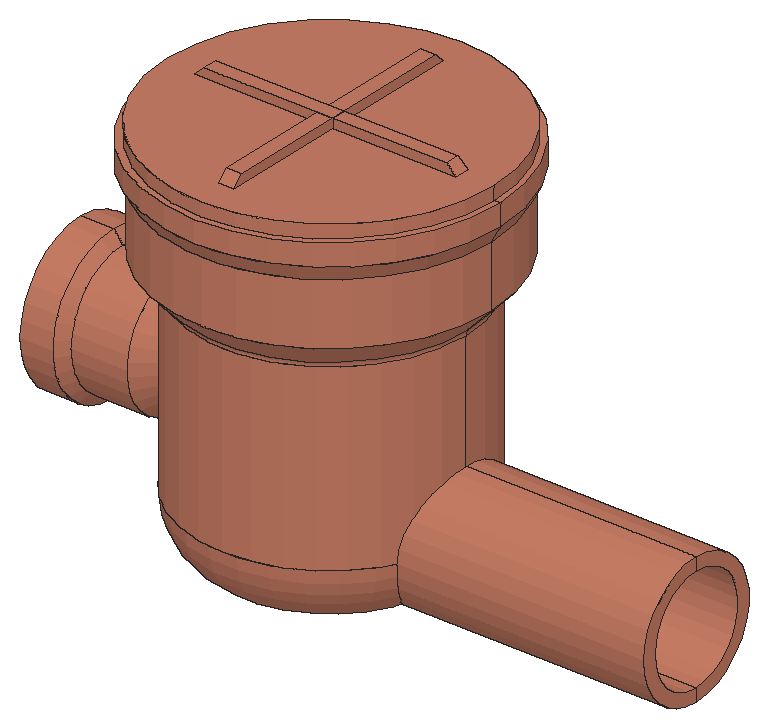
Revit family "Backwater_Valve_7012_JRSmith", category Plumbing Fixtures, Revit 2010
Parameters (values of type "7012-02")
  Weight (lb) = 12.84
  Warranty = "1 year material and workmanship"  # constant formula
  URL = "http://www.jrsmith.com"
  Top Plate Radius = F Radius - 1/8"  # 3 1/8"
  Threaded Connection = no
  Technical and Installation = ""
  SmartBIM Object Version = 3  # constant formula
  SMARTBIM URL = "www.smartbim.com"
  SMARTBIM Object Created By = "SMARTBIM,LLC"  # constant formula
  SMARTBIM Contact = "mailto:smartbim@smartbim.com"
  Product URL = "http://www.jrsmith.com/products/backw/submittal/d7012.pdf"
  Outlet Diameter = 2"
  OmniClass Title = "Backwater Valves"  # constant formula
  OmniClass Code = "22-22 13 19 33"  # constant formula
  No Hub Connection = no
  Model = "7012"  # constant formula
  Max. Static Load = ""
  Material Finish = Duco Coated
  Material = Cast Iron
  Manufacturer's URL = "http://JRSmith.com"
  Manufacturer = "Jay R. Smith Mfg. Co."  # constant formula
  Lower Pipe Offset = A Radius + 1/4"  # 1 1/4"
  G = 6"
  Free Area(Sq In) = ""
  Flow Rate = ""
  F Radius = F Diameter / 2  # 3 1/4"
  F Diameter = 6 1/2"
  Description = "Duco cast iron body with backwater valve"  # constant formula
  Default Elevation = 48"
  D = 7"
  Caulk Connection = no
  Capacity = ""
  C = 5"
  B = 4 1/2"
  Assembly Code = "D2030400"
  Action = "Flapper"
  A Radius = Outlet Diameter / 2  # 1"
  95 CSI = "15110"  # constant formula
  04 CSI = "22 05 23"  # constant formula
Types (6): name | Weight (lb) | Top Plate Radius | Threaded Connection | Outlet Diameter | No Hub Connection | Lower Pipe Offset | G | F Radius | F Diameter | D | Caulk Connection | C | B | A Radius
  7012-08 | 102.5 | 6 3/8" | yes | 8" | yes | 4 1/4" | 11 3/4" | 6 1/2" | 13" | 12 1/2" | yes | 9 1/2" | 9 1/2" | 4"
  7012-04 | 28.82 | 4 1/8" | no | 4" | no | 2 1/4" | 8" | 4 1/4" | 8 1/2" | 9 1/2" | no | 6 1/2" | 6 1/2" | 2"
  7012-03 | 22.09 | 3 5/8" | no | 3" | no | 1 3/4" | 6" | 3 3/4" | 7 1/2" | 9" | no | 5 3/4" | 6 1/4" | 1 1/2"
  7012-05 | 55.63 | 5 1/4" | no | 5" | no | 2 3/4" | 8 3/4" | 5 3/8" | 10 3/4" | 10 1/2" | no | 7 3/4" | 7" | 2 1/2"
  7012-06 | 56 | 5 1/4" | no | 6" | no | 3 1/4" | 9 3/4" | 5 3/8" | 10 3/4" | 11 1/2" | no | 7 3/4" | 8" | 3"
  7012-02 | 12.84 | 3 1/8" | no | 2" | no | 1 1/4" | 6" | 3 1/4" | 6 1/2" | 7" | no | 5" | 4 1/2" | 1"
Reference planes (in)
  plane 1 "Center (Front/Back)": y = 0
  plane 2: z = 0
  plane 3 "Center (Left/Right)": x = -2.55151
  plane 4: x = 4.44849
  plane 5: z = 0
  plane 6: z = 6
  plane 7: z = 5.17678
  plane 8: x = -7.55151
  plane 9: x = -5.80151
  plane 10: z = 1.5
  plane 11: z = 2.40336
  plane 12: z = -1.25
Forms (in)
  Revolve 1, solid, material "Cast Iron" <- "Material"
    sketch origin (-6.10661, 0, -2.25) x (-1, 0, 0) y (0, 0, 1)
      loop
        line (-0.96665, 2.25) -> (-0.96665, 5.74418)
        arc (-0.96665, 5.74418) -> (-0.9559, 5.80123) -> (-0.9251, 5.85045) r 0.15668
        line (-0.9251, 5.85045) -> (-0.47919, 6.33352) -> (-0.47919, 7.51881) -> (-0.3051, 7.83218) -> (-0.3051, 8.25) -> (-0.44437, 8.25) -> (-0.44437, 7.84959) -> (-0.66199, 7.84959) -> (-0.66199, 8.25) -> (-0.8622, 8.25) -> (-0.8622, 6.36834) -> (-1.21963, 6.04341)
        arc (-1.21963, 6.04341) -> (-1.27004, 5.97978) -> (-1.29743, 5.90336) r 0.25021
        line (-1.29743, 5.90336) -> (-1.29743, 2.25)
        arc (-1.29743, 2.25) -> (-1.48862, 1.66891) -> (-1.98747, 1.31486) r 0.97867
        line (-1.98747, 1.31486) -> (-3.5551, 1.31486) -> (-3.5551, 1) -> (-1.98747, 1)
        arc (-1.98747, 1) -> (-1.25428, 1.44307) -> (-0.96665, 2.25) r 1.27573
      axis (-3.5551, 8.25) -> (-3.5551, 1)
    angle from 360 to 0
  Revolve 2, solid, material "Cast Iron" <- "Material"
    sketch origin (0, 0, -2.25) x (1, 0, 0) y (0, 0, 1)
      loop
        line (-7.55151, 4.75) -> (-7.20533, 4.75) -> (-7.20533, 4.89363) -> (-7.06137, 4.9656) -> (-6.68305, 4.74565) -> (-5.67331, 4.74565) -> (-5.35265, 4.36264) -> (-2.55151, 4.36264) -> (-2.55151, 4.58896) -> (-5.09963, 4.58896) -> (-5.09963, 4.67021) -> (-5.4644, 4.98938) -> (-6.54377, 4.98938) -> (-6.71787, 5.19829) -> (-7.3446, 5.19829) -> (-7.55151, 4.75)
      axis (-7.55151, 3.75) -> (-2.55151, 3.75)
    angle from 0 to 360
  Revolve 3, solid, material "Cast Iron" <- "Material"
    sketch origin (0, 0, -2.25) x (1, 0, 0) y (0, 0, 1)
      loop
        line (-2.55151, 3.25) -> (4.44849, 3.25) -> (4.44849, 3.5) -> (-2.55151, 3.5) -> (-2.55151, 3.25)
      axis (-2.55151, 2.25) -> (4.44849, 2.25)
    angle from 0 to 360
Lines and regions (in)
  model lines, detail levels coarse+medium
    curve 1: line (-2.55151, 0, 6) -> (-2.55151, 0, 0)
    curve 2: line (-2.55151, 0, 0) -> (4.44849, 0, 0)
    curve 3: line (-2.55151, 0, 1.5) -> (-7.55151, 0, 1.5)
    curve 4: line (-5.24441, 0, 6) -> (-2.55151, 0, 6)
    curve 5: line (0.1414, 0, 6) -> (-2.55151, 0, 6)
    curve 6: line (-7.55151, 0, 2.5) -> (-7.55151, 0, 0.5)
    curve 7: line (4.44849, 0, 1) -> (4.44849, 0, -1)
Dimensions and locks (in)
  "D": plane 4 to plane 3 "Center (Left/Right)"
  "G": plane 6 to plane 5
  "A Radius": Revolve 2 sketch curve to Revolve 2 sketch curve
  "F Radius": plane 3 "Center (Left/Right)" to plane 9
  locked: plane 9 to Revolve 1 sketch curve at 0.66155
  locked: plane 9 to Revolve 1 sketch curve at 0.99233
  locked: plane 6 to Revolve 1 sketch curve at 1.91648
  locked: plane 6 to Revolve 1 sketch curve at 1.88166
  "B": plane 10 to plane 6
  locked: Revolve 3 sketch curve to Revolve 3 sketch curve at 0.25
  nested 1 to plane 11 = 4.02342"
  equal spacing: plane 3 "Center (Left/Right)", Revolve 2 sketch curve, Revolve 2 sketch curve, Revolve 2 sketch curve, Revolve 2 sketch curve, Revolve 2 sketch curve, Revolve 2 sketch curve
  "Lower Pipe Offset": plane 5 to plane 12
  "A Radius": Revolve 3 sketch curve to level
  "C": plane 3 "Center (Left/Right)" to plane 8
  equal spacing: curve 6, plane 10, curve 6
  "A Radius": curve 6 to plane 10
  equal spacing: curve 7, level, curve 7
  "A Radius": curve 7 to level
  aligned and locked: Revolve 2 sketch curve to plane 3 "Center (Left/Right)"
  aligned and locked: plane 9 to Revolve 1 sketch curve
  aligned and locked: plane 10 to Revolve 2 sketch curve
  aligned and locked: plane 3 "Center (Left/Right)" to nested 1
  aligned and locked: nested 1 to plane 6
  aligned and locked: Revolve 3 sketch curve to plane 5
  aligned and locked: curve 2 to level
  aligned and locked: curve 3 to plane 10
  aligned and locked: curve 1 to plane 3 "Center (Left/Right)"
  aligned and locked: curve 4 to Revolve 1
  aligned and locked: Revolve 1 to curve 4
  aligned and locked: curve 5 to Revolve 1  (x2)
  aligned and locked: plane 8 to curve 6
  aligned and locked: plane 8 to curve 3
  aligned and locked: curve 7 to plane 4
Automatic sketch dimensions
  plane 8 to Revolve 2 sketch curve = 1.43038"
  Revolve 2 sketch curve to Revolve 2 sketch curve = 0.25302"
  plane 3 "Center (Left/Right)" to Revolve 2 sketch curve = 2.06962"
  Revolve 2 sketch curve to Revolve 2 sketch curve = 0.2069"
  Revolve 2 sketch curve to Revolve 2 sketch curve = 0.34351"
  Revolve 2 sketch curve to Revolve 2 sketch curve = 0.17409"
  Revolve 2 sketch curve to Revolve 2 sketch curve = 0.20891"  (x2)
  Revolve 2 sketch curve to Revolve 2 sketch curve = 0.22632"
  Revolve 2 sketch curve to Revolve 2 sketch curve = 0.08125"
  Revolve 2 sketch curve to Revolve 2 sketch curve = 0.38301"
  Revolve 2 sketch curve to Revolve 2 sketch curve = 0.00435"
  Revolve 2 sketch curve to Revolve 2 sketch curve = 0.14363"
  Revolve 2 sketch curve to Revolve 2 sketch curve = 0.07198"
  Revolve 2 sketch curve to Revolve 2 sketch curve = 0.24373"
  Revolve 1 sketch curve to plane 5 = 0"  (x2)
  Revolve 1 sketch curve to plane 6 = 0"  (x2)
  Revolve 1 sketch curve to Revolve 1 sketch curve = 0.03372"
  Revolve 1 sketch curve to Revolve 1 sketch curve = 0.2549"
  Revolve 1 sketch curve to Revolve 1 sketch curve = 0"  (x2)
  Revolve 1 sketch curve to Revolve 1 sketch curve = 0.0778"
  Revolve 1 sketch curve to Revolve 1 sketch curve = 0.08466"
  Revolve 1 sketch curve to Revolve 1 sketch curve = 0.04155"
  Revolve 1 sketch curve to Revolve 1 sketch curve = 0.35743"
  Revolve 1 sketch curve to Revolve 1 sketch curve = 0.11513"
  Revolve 1 sketch curve to Revolve 1 sketch curve = 0.20021"
  plane 9 to Revolve 1 sketch curve = 0.17409"
  plane 9 to Revolve 1 sketch curve = 0.13927"
  Revolve 1 sketch curve to Revolve 1 sketch curve = 1/128"
  Revolve 1 sketch curve to Revolve 1 sketch curve = 0.0451"
  Revolve 1 sketch curve to Revolve 1 sketch curve = 0.48307"
  plane 6 to Revolve 1 sketch curve = 0.73119"
  Revolve 1 sketch curve to Revolve 1 sketch curve = 0.31337"
  Revolve 1 sketch curve to Revolve 1 sketch curve = 0.01741"
  plane 10 to Revolve 1 sketch curve = 1 1/4"
  Revolve 1 sketch curve to plane 3 "Center (Left/Right)" = 0"  (x2)
  Revolve 3 sketch curve to plane 3 "Center (Left/Right)" = 0"
  Revolve 3 sketch curve to plane 4 = 0"
  plane 3 "Center (Left/Right)" to Revolve 3 sketch curve = 2.09815"
  Revolve 3 sketch curve to Revolve 3 sketch curve = 2 3/4"
  Revolve 2 sketch curve to plane 8 = 0.34618"
  Revolve 2 sketch curve to Revolve 2 sketch curve = 0.14395"
  Revolve 2 sketch curve to Revolve 2 sketch curve = 0.13927"
  Revolve 2 sketch curve to Revolve 2 sketch curve = 0.87047"
  Revolve 2 sketch curve to Revolve 2 sketch curve = 0.32066"
  Revolve 2 sketch curve to plane 8 = 0"
  Revolve 1 sketch curve to plane 12 = 0"
Nested families (in)
  nested 1: "Top-Plate" at (-2.55151, 0, 6), type "Top-Plate"
Connectors (in)
  piping at (4.44849, 0, 0), driven by "A Radius"
    settings: on Revolve 3, index 1, connector radius 1", flow factor 0, pipe flow 0 GPM, pressure drop 0.00 psi, fitting loss kfactor 0, connector angle 0.00°, fixture units 0, engagement length 0", flow configuration 0, flow direction 0, fitting loss method 0, system type 16, joint type 0, gender type 0, connector reference index 2, connector utility 0, adjustable connector no, is connector primary yes, fitting loss table "", connector description ""
  piping at (-7.20533, 0, 1.5), driven by "A Radius"
    settings: on Revolve 2, index 2, connector radius 1", flow factor 0, pipe flow 0 GPM, pressure drop 0.00 psi, fitting loss kfactor 0, connector angle 0.00°, fixture units 0, engagement length 0", flow configuration 0, flow direction 0, fitting loss method 0, system type 16, joint type 0, gender type 0, connector reference index 1, connector utility 0, adjustable connector no, is connector primary no, fitting loss table "", connector description ""
Definition of nested family "Top-Plate"
  Parameters (values of type "Top-Plate")
    Radius = 3 1/8"
    Plate Height = 1/4"
    Divider Visibility = no
    Bolt Width = Radius / 1.25  # 2 1/2"
    Bolt Plate = Cast Iron
    Assembly Code = ""
  Reference planes (in)
    plane 1 "Center (Front/Back)": y = 0
    plane 2: z = 0
    plane 3 "Center (Left/Right)": x = 0
    plane 4: z = 0.25
  Forms (in)
    Extrusion 1, solid, material "Cast Iron" <- "Bolt Plate"
      sketch origin (3.05151, -0.00078, 0) x (1, 0, 0) y (0, 1, 0)
        loop
          circle (-3.05151, 0.00078) r 3.125
      from 0 to 0.25
    Extrusion 2, solid, material "Cast Iron" <- "Bolt Plate"
      sketch origin (0.4375, 0.55075, 0) x (1, 0, 0) y (0, 0, 1)
        loop
          line (-2.9375, 0.25) -> (-0.4375, 0.25) -> (-0.4375, 0.42678) -> (-2.76072, 0.42678) -> (-2.9375, 0.25)
      from 0.40902 to 0.69247
    Extrusion 3, solid, material "Cast Iron" <- "Bolt Plate"
      sketch origin (-0.55075, 0.4375, 0) x (0, 1, 0) y (0, 0, 1)
        loop
          line (-2.9375, 0.25) -> (-0.4375, 0.25) -> (-0.4375, 0.42678) -> (-2.76072, 0.42678) -> (-2.9375, 0.25)
      from 0.40902 to 0.69247
    Extrusion 4, solid, material "Cast Iron" <- "Bolt Plate"
      sketch origin (0.55075, -0.4375, 0) x (0, -1, 0) y (0, 0, 1)
        loop
          line (-2.9375, 0.25) -> (-0.4375, 0.25) -> (-0.4375, 0.42678) -> (-2.76072, 0.42678) -> (-2.9375, 0.25)
      from 0.40902 to 0.69247
    Extrusion 5, solid, material "Cast Iron" <- "Bolt Plate"
      sketch origin (-0.4375, -0.55075, 0) x (-1, 0, 0) y (0, 0, 1)
        loop
          line (-2.9375, 0.25) -> (-0.4375, 0.25) -> (-0.4375, 0.42678) -> (-2.76072, 0.42678) -> (-2.9375, 0.25)
      from 0.40902 to 0.69247
  Cuts and joins
    joined: Extrusion 3, Extrusion 4
    joined: Extrusion 2, Extrusion 5
  Dimensions and locks (in)
    "Plate Height": plane 4 to level
    "Bolt Width": Extrusion 2 sketch curve to Extrusion 2 sketch curve
    "Bolt Width": Extrusion 3 sketch curve to Extrusion 3 sketch curve
    "Bolt Width": Extrusion 4 sketch curve to Extrusion 4 sketch curve
    "Bolt Width": Extrusion 5 sketch curve to Extrusion 5 sketch curve
    "Radius": radius of Extrusion 1 sketch curve
    aligned and locked: plane 4 to Extrusion 1
    aligned and locked: Extrusion 2 to plane 4
    aligned and locked: plane 3 "Center (Left/Right)" to Extrusion 2
  Automatic sketch dimensions
    Extrusion 1 sketch curve to plane 1 "Center (Front/Back)" = 0"
    Extrusion 1 sketch curve to plane 3 "Center (Left/Right)" = 0"
    Extrusion 2 sketch curve to Extrusion 2 sketch curve = 0.17678"  (x2)
    Extrusion 3 sketch curve to Extrusion 3 sketch curve = 0.17678"  (x2)
    Extrusion 4 sketch curve to Extrusion 4 sketch curve = 0.17678"  (x2)
    Extrusion 5 sketch curve to Extrusion 5 sketch curve = 0.17678"  (x2)
    Extrusion 2 sketch curve to plane 4 = 0"
    Extrusion 2 sketch curve to plane 3 "Center (Left/Right)" = 0"
    Extrusion 3 sketch curve to plane 4 = 0"
    Extrusion 3 sketch curve to plane 1 "Center (Front/Back)" = 0"
    Extrusion 4 sketch curve to plane 4 = 0"
    Extrusion 4 sketch curve to plane 1 "Center (Front/Back)" = 0"
    Extrusion 5 sketch curve to plane 4 = 0"
    Extrusion 5 sketch curve to plane 3 "Center (Left/Right)" = 0"
